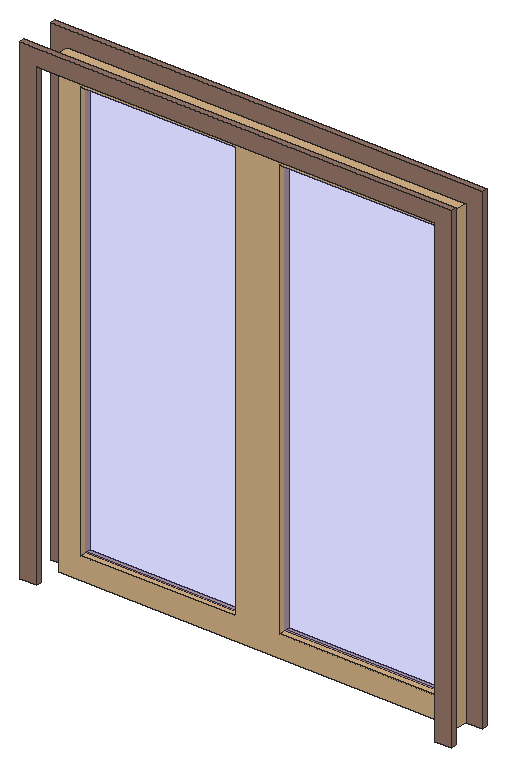
Revit family
Parameters (values of type "1830 x 2134mm")
  Thickness = 51.00 mm
  Door Material = Door - Panel
  Frame Material = Door - Frame
  Height = 2134.00 mm
  Rail Width - Base = 102.00 mm
  Rail Width - Top = 102.00 mm
  Stile Width - Hinge = 102.00 mm
  Stile Width - Latch = 102.00 mm
  Trim Projection = 25.00 mm
  Trim Width = 76.00 mm
  Wall Closure = (empty or 0)
  Width = 1830.00 mm
Types (5, lengths in mm): name | Height | Trim Projection | Trim Width | Width
  1830 x 2134mm | 2134.00 | 25.00 | 76.00 | 1830.00
  1730 x 2032mm | 2032.00 | 25.00 | 76.00 | 1730.00
  1730 x 2134mm | 2134.00 | 25.40 | 76.00 | 1730.00
  1830 x 1981mm | 1981.00 | 25.00 | 51.00 | 1830.00
  1830 x 2083mm | 2083.00 | 25.00 | 51.00 | 1830.00
Reference planes
  plane 1: y = 0
  plane 2: z = 0
  plane 3: x = 0
  plane 4: x = -915
  plane 5: x = 915
  plane 6: z = 2134
  plane 7: z = 102
  plane 8: z = 2032
  plane 9: z = 1067
Forms (mm)
  Extrusion 1, solid, material "Door - Panel" <- "Door Material"
    sketch origin (0, 0, 0) x (1, 0, 0) y (0, 0, 1)
      loop
        line (-915, 2134) -> (-915, 0) -> (915, 0) -> (915, 2134) -> (-915, 2134)
      loop
        line (-813.4, 2032) -> (-813.4, 102) -> (-101.6, 102) -> (-101.6, 2032) -> (-813.4, 2032)
      loop
        line (101.6, 2032) -> (101.6, 102) -> (813.4, 102) -> (813.4, 2032) -> (101.6, 2032)
    from -78.581 to -27.581
  Extrusion 2, solid, material "Glass"
    sketch origin (0, 0, 0) x (1, 0, 0) y (0, 0, 1)
      loop
        line (-101.6, 2032) -> (-813.4, 2032) -> (-813.4, 102) -> (-101.6, 102) -> (-101.6, 2032)
    from -60.325 to -53.181
  Extrusion 3, solid, material "Glass"
    sketch origin (0, 0, 0) x (1, 0, 0) y (0, 0, 1)
      loop
        line (101.6, 2032) -> (101.6, 102) -> (813.4, 102) -> (813.4, 2032) -> (101.6, 2032)
    from -60.325 to -53.181
  Extrusion 4, solid, material "Door - Frame" <- "Frame Material"
    sketch origin (-2363.779, 78.581, 0) x (-1, 0, 0) y (0, 0, 1)
      loop
        line (-3278.779, 0) -> (-3278.779, 2134) -> (-1448.779, 2134) -> (-1448.779, 0) -> (-1372.779, 0) -> (-1372.779, 2210) -> (-3354.779, 2210) -> (-3354.779, 0) -> (-3278.779, 0)
    from 0 to 25
  Extrusion 5, solid, material "Door - Frame" <- "Frame Material"
    sketch origin (-2363.779, -73.819, 0) x (1, 0, 0) y (0, 0, 1)
      loop
        line (3278.779, 0) -> (3354.779, 0) -> (3354.779, 2210) -> (1372.779, 2210) -> (1372.779, 0) -> (1448.779, 0) -> (1448.779, 2134) -> (3278.779, 2134) -> (3278.779, 0)
    from 0 to 25
Lines and regions (mm)
  Opening 1
    outline origin (-1524, -73.819, 3657.6) x (0, 0, -1) y (1, 0, 0)
      loop
        line (1523.6, 609) -> (3657.6, 609) -> (3657.6, 2439) -> (1523.6, 2439) -> (1523.6, 609)
  symbolic lines, style "DoorsPanelProjection"
    curve 1: line (914.878, 78.581, 0) -> (864, 78.581, 0)
    curve 2: line (914.878, 78.581, 0) -> (914.878, 180.581, 0)
    curve 3: line (914.878, 993.92, 0) -> (864, 993.92, 0)
    curve 4: line (864, 78.581, 0) -> (864, 180.581, 0)
    curve 5: line (-915.533, 78.981, 0) -> (-864, 78.981, 0)
    curve 6: line (-915.533, 78.981, 0) -> (-915.533, 180.581, 0)
    curve 7: line (-915.533, 994.331, 0) -> (-864, 994.331, 0)
    curve 8: line (-864, 78.981, 0) -> (-864, 180.581, 0)
    curve 15: line (-915.533, 892.331, 0) -> (-864, 892.331, 0)
    curve 16: line (-915.533, 180.581, 0) -> (-864, 180.581, 0)
    curve 18: line (864, 891.92, 0) -> (914.878, 891.92, 0)
    curve 19: line (914.878, 180.581, 0) -> (864, 180.581, 0)
    curve 21: line (-915.533, 892.331, 0) -> (-915.533, 994.331, 0)
    curve 22: line (-864, 892.331, 0) -> (-864, 994.331, 0)
    curve 23: line (-864, 180.581, 0) -> (-864, 892.331, 0)
    curve 24: line (-915.533, 180.581, 0) -> (-915.533, 892.331, 0)
    curve 25: line (864, 891.92, 0) -> (864, 993.92, 0)
    curve 26: line (914.878, 891.92, 0) -> (914.878, 993.92, 0)
    curve 27: line (914.878, 180.581, 0) -> (914.878, 891.92, 0)
    curve 28: line (864, 180.581, 0) -> (864, 891.92, 0)
  symbolic lines, style "Plan Swing"
    curve 9: arc (-0.065, 54.932, 0) -> (-259.586, 717.744, 0) -> (-915.533, 994.155, 0) r 915.249
    curve 10: arc (-0.065, 54.932, 0) -> (259.397, 717.311, 0) -> (914.878, 993.735, 0) r 915.154
  model lines
    curve 11: line (0, 0, 2134) -> (0, 0, 2134)
    curve 12: line (0, 0, 2134) -> (0, 0, 2134)
    curve 13: line (0, 0, 2134) -> (0, 0, 2134)
    curve 14: line (0, 0, 2134) -> (0, 0, 2134)
    curve 30: line (0, 27.581, 2134) -> (0, 27.581, 0)
  symbolic lines, style "DoorsGlassProjection"
    curve 17: line (-889.563, 892.331, 0) -> (-889.563, 180.581, 0)
    curve 20: line (889.6, 180.581, 0) -> (889.6, 891.92, 0)
  model lines, style "Plan Swing"
    curve 29: line (0, 78.581, 2134) -> (0, 78.581, 0)
  symbolic lines, style "Elevation Swing"
    curve 31: line (0, 0, 0) -> (915, 0, 1067)
    curve 32: line (0, 0, 2134) -> (915, 0, 1067)
    curve 33: line (0, 0, 2134) -> (-915, 0, 1067)
    curve 34: line (-915, 0, 1067) -> (0, 0, 0)
Text (mm)
  text "Exterior" at (-2000.66, 696.072, 0), in view "Ground floor"
Dimensions and locks
  equal spacing: plane 4, plane 3, plane 5
  "Width": plane 4 to plane 5
  host wall to curve 1 = 0.00 mm
  "Height": plane 6 to plane 2
  "Stile Width - Latch": curve 15 to curve 7
  "Stile Width - Hinge": host wall to curve 16
  "Stile Width - Latch": curve 3 to curve 18
  "Stile Width - Hinge": curve 19 to host wall
  plane 2 to plane 6 = 2134.00 mm
  "Trim Width": Extrusion 4 sketch curve to Extrusion 1  (x2)
  "Trim Width": Extrusion 4 sketch curve to plane 6
  "Trim Projection": Extrusion 4 to host wall
  "Trim Width": Extrusion 5 sketch curve to plane 5
  "Trim Width": Extrusion 5 sketch curve to plane 4
  "Trim Width": Extrusion 5 sketch curve to plane 6
  "Trim Projection": Extrusion 5 to Extrusion 5
  "Thickness": Extrusion 1 to host wall
  "Rail Width - Base": plane 2 to plane 7
  "Rail Width - Top": plane 8 to plane 6
  locked: host wall to Extrusion 2 at 18.256
  host wall to Extrusion 3 = 18.256 mm
  locked: Extrusion 3 to Extrusion 3 at 7.144
  equal spacing: level, plane 9, plane 6
  "Thickness": plane 4 to curve 23
  "Thickness": curve 28 to plane 5
  aligned and locked: Extrusion 2 to Extrusion 3  (x2)
  aligned and locked: Extrusion 4 sketch curve to curve 1
  aligned and locked: plane 6 to Extrusion 4 sketch curve  (x2)
  aligned and locked: curve 5 to Extrusion 4 sketch curve
  aligned and locked: plane 2 to Extrusion 4 sketch curve
  aligned and locked: level to Extrusion 4 sketch curve
  aligned and locked: Extrusion 4 to host wall
  aligned and locked: Extrusion 5 sketch curve to curve 1
  aligned and locked: level to Extrusion 5 sketch curve
  aligned and locked: plane 2 to Extrusion 5 sketch curve
  aligned and locked: curve 5 to Extrusion 5 sketch curve
  aligned and locked: plane 6 to Extrusion 5 sketch curve  (x2)
  aligned and locked: plane 5 to Extrusion 5 sketch curve
  aligned and locked: host wall to Extrusion 1
Automatic sketch dimensions
  Opening 1 sketch curve to plane 6 = 0.00 mm
  Opening 1 sketch curve to level = 0.00 mm
  Opening 1 sketch curve to plane 4 = 0.00 mm
  Opening 1 sketch curve to plane 5 = 0.00 mm
  Extrusion 4 sketch curve to plane 5 = 0.00 mm
  Extrusion 4 sketch curve to plane 4 = 0.00 mm
  Extrusion 5 sketch curve to plane 4 = 0.00 mm
  Extrusion 1 sketch curve to plane 4 = 0.00 mm
  Extrusion 1 sketch curve to plane 5 = 0.00 mm
  Extrusion 1 sketch curve to level = 0.00 mm
  Extrusion 1 sketch curve to plane 6 = 0.00 mm
  Extrusion 2 sketch curve to plane 7 = 0.00 mm
  Extrusion 2 sketch curve to plane 8 = 0.00 mm
  Extrusion 3 sketch curve to plane 7 = 0.00 mm
  Extrusion 3 sketch curve to plane 8 = 0.00 mm
  curve 9 to plane 4 = 0.00 mm
  plane 4 to curve 7 = 0.533 mm
  plane 4 to curve 9 = 0.533 mm
  curve 17 to plane 4 = 25.437 mm
  curve 9 to plane 3 = 0.065 mm
  plane 5 to curve 20 = 25.40 mm
  plane 5 to curve 10 = 0.217 mm
  plane 5 to curve 26 = 0.122 mm
  plane 5 to curve 10 = 0.122 mm
  curve 5 to curve 6 = 101.60 mm
  curve 10 to curve 1 = 0.00 mm
  curve 22 to curve 9 = 101.824 mm
  curve 18 to curve 10 = 101.815 mm
  plane 5 to Extrusion 1 sketch curve = 101.60 mm
  plane 5 to Extrusion 3 sketch curve = 101.60 mm
  Extrusion 1 sketch curve to plane 7 = 0.00 mm  (x2)
  Extrusion 1 sketch curve to plane 8 = 0.00 mm  (x2)
  Extrusion 1 sketch curve to plane 4 = 101.60 mm
  Extrusion 2 sketch curve to plane 4 = 101.60 mm
  plane 3 to Extrusion 1 sketch curve = 101.60 mm
  plane 3 to Extrusion 3 sketch curve = 101.60 mm
  Extrusion 1 sketch curve to plane 3 = 101.60 mm
  Extrusion 2 sketch curve to plane 3 = 101.60 mm
  curve 9 to curve 6 = 0.075 mm
  curve 9 to plane 1 = 54.932 mm
  curve 30 to plane 3 = 0.00 mm
  curve 30 to plane 6 = 0.00 mm
  curve 11 to plane 3 = 0.00 mm
  curve 11 to plane 6 = 0.00 mm
  curve 12 to plane 3 = 0.00 mm  (x2)
  curve 12 to plane 6 = 0.00 mm  (x2)
  curve 13 to plane 3 = 0.00 mm
  curve 13 to plane 6 = 0.00 mm
  curve 29 to plane 3 = 0.00 mm
  curve 29 to plane 6 = 0.00 mm
  curve 32 to plane 3 = 0.00 mm
  curve 32 to plane 6 = 0.00 mm
  curve 32 to plane 5 = 0.00 mm
  curve 32 to plane 9 = 0.00 mm
  curve 33 to plane 4 = 0.00 mm
  curve 33 to plane 9 = 0.00 mm
  curve 30 to level = 0.00 mm
  curve 34 to level = 0.00 mm
  curve 29 to level = 0.00 mm
  curve 31 to plane 3 = 0.00 mm
